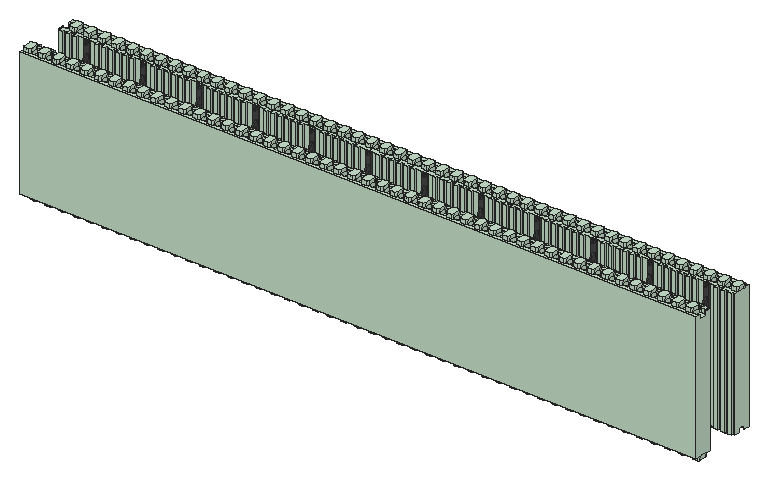
Revit family (continued)
Definition of nested family "NUDURA Logo Diamond"
  Lines and regions (in)
    model lines
      curve 83: line (11.46711, 0, 0.93033) -> (11.82066, 0, 1.28388)
      curve 84: arc (11.3964, 0, 0.50607) -> (11.29388, 0, 0.75355) -> (11.3964, 0, 1.00104) r 0.35
      curve 85: arc (11.74995, 0, 0.15251) -> (11.99744, 0, 0.05) -> (12.24492, 0, 0.15251) r 0.35
      curve 86: arc (11.46711, 0, 0.57678) -> (11.39388, 0, 0.75355) -> (11.46711, 0, 0.93033) r 0.25
      curve 87: arc (12.52777, 0, 0.57678) -> (12.60099, 0, 0.75355) -> (12.52777, 0, 0.93033) r 0.25
      curve 88: arc (12.17421, 0, 1.28388) -> (11.99744, 0, 1.35711) -> (11.82066, 0, 1.28388) r 0.25
      curve 89: arc (11.82066, 0, 0.22322) -> (11.99744, 0, 0.15) -> (12.17421, 0, 0.22322) r 0.25
      curve 90: arc (12.59848, 0, 0.50607) -> (12.70099, 0, 0.75355) -> (12.59848, 0, 1.00104) r 0.35
      curve 91: arc (11.63374, 0, 1.23839) -> (11.74358, 0, 1.50355) -> (11.63374, 0, 1.76872) r 0.375
      curve 92: arc (12.36113, 0, 1.23839) -> (12.2513, 0, 1.50355) -> (12.36113, 0, 1.76872) r 0.375
      curve 93: line (12.36113, 0, 2.73839) -> (12.59848, 0, 2.50104)
      curve 94: line (11.3964, 0, 2.50104) -> (11.63374, 0, 2.73839)
      curve 95: line (11.82066, 0, 1.72322) -> (11.46711, 0, 2.07678)
      curve 96: line (12.52777, 0, 2.07678) -> (12.17421, 0, 1.72322)
      curve 97: line (12.17421, 0, 2.78388) -> (12.52777, 0, 2.43033)
      curve 98: line (11.46711, 0, 2.43033) -> (11.82066, 0, 2.78388)
      curve 99: arc (11.3964, 0, 2.00607) -> (11.29388, 0, 2.25355) -> (11.3964, 0, 2.50104) r 0.35
      curve 100: arc (11.46711, 0, 2.07678) -> (11.39388, 0, 2.25355) -> (11.46711, 0, 2.43033) r 0.25
      curve 101: arc (12.52777, 0, 2.07678) -> (12.60099, 0, 2.25355) -> (12.52777, 0, 2.43033) r 0.25
      curve 102: arc (12.17421, 0, 2.78388) -> (11.99744, 0, 2.85711) -> (11.82066, 0, 2.78388) r 0.25
      curve 103: arc (11.82066, 0, 1.72322) -> (11.99744, 0, 1.65) -> (12.17421, 0, 1.72322) r 0.25
      curve 104: arc (12.59848, 0, 2.00607) -> (12.70099, 0, 2.25355) -> (12.59848, 0, 2.50104) r 0.35
      curve 105: line (11.63374, 0, 1.76872) -> (11.3964, 0, 2.00607)
      curve 106: line (12.59848, 0, 2.00607) -> (12.36113, 0, 1.76872)
      curve 107: arc (11.63374, 0, 2.73839) -> (11.74358, 0, 3.00355) -> (11.63374, 0, 3.26872) r 0.375
      curve 108: arc (12.36113, 0, 2.73839) -> (12.2513, 0, 3.00355) -> (12.36113, 0, 3.26872) r 0.375
      curve 109: line (12.36113, 0, 4.23839) -> (12.59848, 0, 4.00104)
      curve 110: line (11.3964, 0, 4.00104) -> (11.63374, 0, 4.23839)
      curve 111: line (11.82066, 0, 3.22322) -> (11.46711, 0, 3.57678)
      curve 112: line (12.52777, 0, 3.57678) -> (12.17421, 0, 3.22322)
      curve 113: line (12.17421, 0, 4.28388) -> (12.52777, 0, 3.93033)
      curve 114: line (11.46711, 0, 3.93033) -> (11.82066, 0, 4.28388)
      curve 115: arc (11.3964, 0, 3.50607) -> (11.29388, 0, 3.75355) -> (11.3964, 0, 4.00104) r 0.35
      curve 116: arc (11.46711, 0, 3.57678) -> (11.39388, 0, 3.75355) -> (11.46711, 0, 3.93033) r 0.25
      curve 117: arc (12.52777, 0, 3.57678) -> (12.60099, 0, 3.75355) -> (12.52777, 0, 3.93033) r 0.25
      curve 118: arc (12.17421, 0, 4.28388) -> (11.99744, 0, 4.35711) -> (11.82066, 0, 4.28388) r 0.25
      curve 119: arc (11.82066, 0, 3.22322) -> (11.99744, 0, 3.15) -> (12.17421, 0, 3.22322) r 0.25
      curve 120: arc (12.59848, 0, 3.50607) -> (12.70099, 0, 3.75355) -> (12.59848, 0, 4.00104) r 0.35
      curve 121: line (11.63374, 0, 3.26872) -> (11.3964, 0, 3.50607)
      curve 122: arc (11.63374, 0, 4.23839) -> (11.74358, 0, 4.50355) -> (11.63374, 0, 4.76872) r 0.375
      curve 123: arc (12.36113, 0, 4.23839) -> (12.2513, 0, 4.50355) -> (12.36113, 0, 4.76872) r 0.375
      curve 124: line (12.78279, 0, 5.19038) -> (12.36113, 0, 4.76872)
      curve 125: line (11.21208, 0, 5.19038) -> (11.28279, 0, 5.26109)
      curve 126: arc (11.82066, 0, 4.72322) -> (11.99744, 0, 4.65) -> (12.17421, 0, 4.72322) r 0.25
      curve 127: line (12.37244, 0, 12.50355) -> (11.62244, 0, 12.50355)
      curve 128: line (12.74744, 0, 5.87855) -> (12.74744, 0, 12.12855)
      curve 129: line (11.24744, 0, 12.12855) -> (11.24744, 0, 5.87855)
      curve 130: line (11.62244, 0, 5.50355) -> (12.37244, 0, 5.50355)
      curve 131: line (12.47232, 0, 12.00355) -> (12.0393, 0, 12.25355)
      curve 132: line (12.47232, 0, 11.50355) -> (12.47232, 0, 12.00355)
      curve 133: line (12.25581, 0, 11.37855) -> (12.47232, 0, 11.50355)
      curve 134: line (12.02256, 0, 11.51322) -> (12.25581, 0, 11.37855)
      curve 135: line (12.22232, 0, 11.62855) -> (12.02256, 0, 11.51322)
      curve 136: line (11.80605, 0, 12.11888) -> (12.22232, 0, 11.87855)
      curve 137: line (12.22232, 0, 11.87855) -> (12.22232, 0, 11.62855)
      curve 138: line (12.0393, 0, 12.25355) -> (11.80605, 0, 12.11888)
      curve 139: line (11.77256, 0, 11.63822) -> (11.97232, 0, 11.75355)
      curve 140: line (11.97232, 0, 11.75355) -> (11.73906, 0, 11.88822)
      curve 141: line (11.73906, 0, 11.88822) -> (11.52256, 0, 11.76322)
      curve 142: line (11.52256, 0, 11.76322) -> (11.52256, 0, 11.26322)
      curve 143: line (11.77256, 0, 11.38822) -> (11.77256, 0, 11.63822)
      curve 144: line (12.18882, 0, 11.14789) -> (11.77256, 0, 11.38822)
      curve 145: line (11.95557, 0, 11.01322) -> (12.18882, 0, 11.14789)
      curve 146: line (11.52256, 0, 11.26322) -> (11.95557, 0, 11.01322)
      curve 147: line (12.31108, 0, 10.60411) -> (11.68379, 0, 10.74458)
      curve 148: line (11.68379, 0, 10.74458) -> (11.68379, 0, 10.51321)
      curve 149: line (11.68379, 0, 10.51321) -> (12.1295, 0, 10.41405)
      curve 150: line (12.1295, 0, 10.41405) -> (11.68379, 0, 10.27358)
      curve 151: line (11.68379, 0, 10.27358) -> (11.68379, 0, 9.8852)
      curve 152: line (11.68379, 0, 9.8852) -> (12.17077, 0, 9.77615)
      curve 153: line (12.17077, 0, 9.77615) -> (12.17077, 0, 9.74472)
      curve 154: line (12.17077, 0, 9.74472) -> (11.86146, 0, 9.80279)
      curve 155: line (11.68379, 0, 9.65536) -> (11.68379, 0, 9.35864)
      curve 156: line (12.07077, 0, 8.74385) -> (12.07077, 0, 8.99996)
      curve 157: line (12.07077, 0, 8.99996) -> (11.68379, 0, 9.08605)
      curve 158: line (11.68379, 0, 9.08605) -> (11.68379, 0, 8.47809)
      curve 159: line (11.91823, 0, 9.06589) -> (12.31108, 0, 8.97792)
      curve 160: line (11.82444, 0, 8.55476) -> (11.82444, 0, 8.79865)
      curve 161: line (11.82444, 0, 8.79865) -> (12.07077, 0, 8.74385)
      curve 162: line (11.68379, 0, 8.07193) -> (11.68379, 0, 7.77522)
      curve 163: line (11.91823, 0, 7.48247) -> (12.21108, 0, 7.41688)
      curve 164: line (12.21108, 0, 7.41688) -> (12.21108, 0, 6.95405)
      curve 165: line (12.16108, 0, 6.90405) -> (12.12077, 0, 6.90405)
      curve 166: line (12.07077, 0, 6.95405) -> (12.07077, 0, 7.08675)
      curve 167: line (12.07077, 0, 7.08675) -> (12.12077, 0, 7.07556)
      curve 168: line (12.12077, 0, 7.07556) -> (12.12077, 0, 7.33463)
      curve 169: line (12.12077, 0, 7.33463) -> (11.68379, 0, 7.43249)
      curve 170: line (11.68379, 0, 7.43249) -> (11.68379, 0, 7.17341)
      curve 171: line (11.68379, 0, 7.17341) -> (11.97077, 0, 7.10915)
      curve 172: line (11.97077, 0, 7.10915) -> (11.97077, 0, 6.99425)
      curve 173: line (11.92077, 0, 6.94425) -> (11.68379, 0, 6.94425)
      curve 174: line (11.68379, 0, 6.94425) -> (11.68379, 0, 6.45682)
      curve 175: line (11.68379, 0, 6.45682) -> (11.78284, 0, 6.38658)
      curve 176: line (11.78284, 0, 6.38658) -> (11.78284, 0, 6.05178)
      curve 177: line (12.12371, 0, 6.14486) -> (11.88284, 0, 6.31567)
      curve 178: line (11.88284, 0, 6.31567) -> (11.88284, 0, 6.07909)
      curve 179: line (11.88284, 0, 6.07909) -> (12.12371, 0, 6.14486)
      curve 180: line (11.78284, 0, 6.05178) -> (11.68379, 0, 6.02474)
      curve 181: line (11.68379, 0, 6.02474) -> (11.68379, 0, 5.75355)
      curve 182: line (11.68379, 0, 5.75355) -> (12.31108, 0, 5.92483)
      curve 183: line (12.31108, 0, 5.92483) -> (12.31108, 0, 6.28791)
      curve 184: line (12.31108, 0, 6.28791) -> (11.76249, 0, 6.67694)
      curve 185: line (11.76249, 0, 6.67694) -> (11.90321, 0, 6.67694)
      curve 186: line (12.31108, 0, 6.78674) -> (12.31108, 0, 7.63562)
      curve 187: line (12.31108, 0, 7.63562) -> (11.90258, 0, 7.7271)
      curve 188: line (11.82444, 0, 7.82469) -> (11.82444, 0, 7.92839)
      curve 189: line (11.88536, 0, 7.97718) -> (12.31108, 0, 7.88185)
      curve 190: line (12.31108, 0, 7.88185) -> (12.31108, 0, 8.13496)
      curve 191: line (12.31108, 0, 8.13496) -> (12.08042, 0, 8.17826)
      curve 192: line (12.31108, 0, 8.38353) -> (12.31108, 0, 8.9465)
      curve 193: line (12.31108, 0, 8.9465) -> (12.17077, 0, 8.97771)
      curve 194: line (12.17077, 0, 8.97771) -> (12.17077, 0, 8.55476)
      curve 195: line (12.31108, 0, 8.97792) -> (12.31108, 0, 9.21905)
      curve 196: line (12.31108, 0, 9.21905) -> (11.90258, 0, 9.31053)
      curve 197: line (11.82444, 0, 9.40811) -> (11.82444, 0, 9.51182)
      curve 198: line (11.87938, 0, 9.56195) -> (12.31108, 0, 9.46528)
      curve 199: line (12.31108, 0, 9.46528) -> (12.31108, 0, 9.98469)
      curve 200: line (12.31108, 0, 9.98469) -> (11.90664, 0, 10.07526)
      curve 201: line (11.90664, 0, 10.07526) -> (12.31108, 0, 10.20747)
      curve 202: line (12.31108, 0, 10.20747) -> (12.31108, 0, 10.60411)
      curve 203: arc (11.68379, 0, 9.65536) -> (11.73801, 0, 9.7708) -> (11.86146, 0, 9.80279) r 0.15
      curve 204: arc (11.68379, 0, 9.35864) -> (11.74962, 0, 9.17112) -> (11.91823, 0, 9.06589) r 0.3
      curve 205: arc (11.84417, 0, 8.22149) -> (11.72718, 0, 8.32679) -> (11.68379, 0, 8.47809) r 0.28547
      curve 206: arc (11.68379, 0, 8.07193) -> (11.73147, 0, 8.18158) -> (11.84417, 0, 8.22149) r 0.14992
      curve 207: arc (11.68379, 0, 7.77522) -> (11.74962, 0, 7.58769) -> (11.91823, 0, 7.48247) r 0.3
      curve 208: arc (11.82444, 0, 7.82469) -> (11.84638, 0, 7.76218) -> (11.90258, 0, 7.7271) r 0.1
      curve 209: arc (11.82444, 0, 7.92839) -> (11.84318, 0, 7.96742) -> (11.88536, 0, 7.97718) r 0.05
      curve 210: arc (12.12077, 0, 6.90405) -> (12.08541, 0, 6.91869) -> (12.07077, 0, 6.95405) r 0.05
      curve 211: arc (12.16108, 0, 6.90405) -> (12.19644, 0, 6.91869) -> (12.21108, 0, 6.95405) r 0.05
      curve 212: arc (11.97077, 0, 6.99425) -> (11.95612, 0, 6.95889) -> (11.92077, 0, 6.94425) r 0.05
      curve 213: arc (11.90321, 0, 6.67694) -> (11.96756, 0, 6.70069) -> (12.00104, 0, 6.76055) r 0.09904
      curve 214: arc (12.00104, 0, 6.76055) -> (12.1681, 0, 6.63117) -> (12.31108, 0, 6.78674) r 0.15613
      curve 215: arc (12.08042, 0, 8.17826) -> (12.24181, 0, 8.22914) -> (12.31108, 0, 8.38353) r 0.20667
      curve 216: arc (11.82444, 0, 8.55476) -> (11.9976, 0, 8.3816) -> (12.17077, 0, 8.55476) r 0.17317
      curve 217: arc (11.82444, 0, 9.40811) -> (11.84638, 0, 9.34561) -> (11.90258, 0, 9.31053) r 0.1
      curve 218: arc (11.82444, 0, 9.51182) -> (11.8459, 0, 9.55306) -> (11.892, 0, 9.55913) r 0.05034
      curve 219: arc (11.24744, 0, 12.12855) -> (11.35727, 0, 12.39372) -> (11.62244, 0, 12.50355) r 0.375
      curve 220: arc (12.37244, 0, 12.50355) -> (12.6376, 0, 12.39372) -> (12.74744, 0, 12.12855) r 0.375
      curve 221: arc (11.24744, 0, 5.87855) -> (11.35727, 0, 5.61339) -> (11.62244, 0, 5.50355) r 0.375
      curve 222: arc (12.37244, 0, 5.50355) -> (12.6376, 0, 5.61339) -> (12.74744, 0, 5.87855) r 0.375
      curve 223: line (9.99744, 0, 18) -> (9.99744, 0, 0)
      curve 224: line (13.99744, 0, 18) -> (13.99744, 0, 0)
      curve 225: line (15.99744, 0, 18) -> (15.99744, 0, 0)
